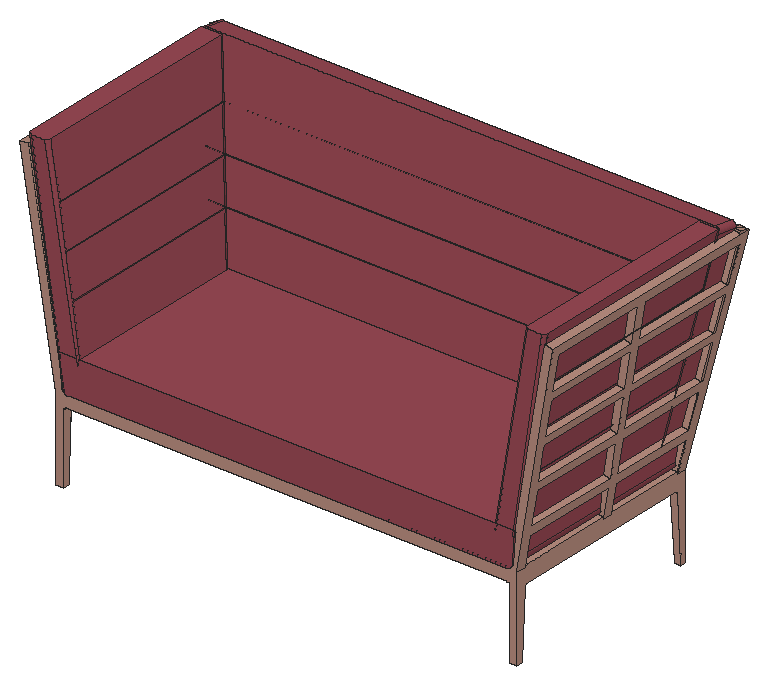
Revit family "Haworth_Janus_Slant_Settee", category Furniture, Revit 2018 (continued)
Definition of nested family "Haworth_Janus_Slant_Settee_Frame_PART"
  Dimensions and locks (in)
    aligned and locked: cut or joined group of Extrusion 2, Extrusion 3, Extrusion 4, Extrusion 5, Extrusion 6, Extrusion 7, Extrusion 8 to Extrusion 3 sketch curve
    aligned and locked: Masking region 1 sketch curve to cut or joined group of Extrusion 2, Extrusion 3, Extrusion 4, Extrusion 5, Extrusion 6, Extrusion 7, Extrusion 8  (x3)
  Automatic sketch dimensions
    plane 13 to Extrusion 1 sketch curve = 0' - 3.20524"
    Extrusion 1 sketch curve to Extrusion 1 sketch curve = 0' - 0.78948"
    Extrusion 1 sketch curve to Extrusion 1 sketch curve = 0' - 0.79175"
    plane 12 to Extrusion 1 sketch curve = 0' - 4.12439"
    Extrusion 1 sketch curve to Extrusion 1 sketch curve = 0' - 0.02757"
    plane 13 to Extrusion 1 sketch curve = 1' - 2.62607"  (x4)
    Extrusion 1 sketch curve to Extrusion 1 sketch curve = 0' - 0.10583"
    Extrusion 1 sketch curve to plane 3 "Center Left/Right" = 0' - 7.59003"  (x5)
    Extrusion 1 sketch curve to Extrusion 1 sketch curve = 0' - 0.00066"  (x12)
    Extrusion 1 sketch curve to plane 3 "Center Left/Right" = 0' - 6.45206"  (x5)
    Extrusion 1 sketch curve to Extrusion 1 sketch curve = 0' - 0.00006"  (x3)
    Extrusion 1 sketch curve to Extrusion 1 sketch curve = 0' - 0"  (x7)
    Extrusion 1 sketch curve to Extrusion 1 sketch curve = 0' - 0.10493"
    Extrusion 1 sketch curve to Extrusion 1 sketch curve = 0' - 0.26362"
    Extrusion 1 sketch curve to Extrusion 1 sketch curve = 0' - 0.44993"
    plane 13 to Extrusion 1 sketch curve = 0' - 4.07772"
    Extrusion 1 sketch curve to Extrusion 1 sketch curve = 0' - 0.08528"
    plane 13 to Extrusion 1 sketch curve = 0' - 3.31497"
    Extrusion 1 sketch curve to Extrusion 1 sketch curve = 0' - 4.38634"
    Extrusion 1 sketch curve to Extrusion 1 sketch curve = 0' - 0.09916"
    Extrusion 1 sketch curve to Extrusion 1 sketch curve = 0' - 4.9149"  (x18)
    plane 12 to Extrusion 1 sketch curve = 1' - 2.62128"  (x4)
    Extrusion 1 sketch curve to Extrusion 1 sketch curve = 0' - 4.72864"
    Extrusion 1 sketch curve to Extrusion 1 sketch curve = 0' - 0.95071"  (x2)
    Extrusion 1 sketch curve to Extrusion 1 sketch curve = 0' - 0.95142"  (x4)
    Extrusion 1 sketch curve to Extrusion 1 sketch curve = 0' - 1"
    Extrusion 1 sketch curve to Extrusion 1 sketch curve = 0' - 0.25859"
    plane 12 to Extrusion 1 sketch curve = 0' - 2.4179"
    Extrusion 1 sketch curve to Extrusion 1 sketch curve = 0' - 4.65981"
    Extrusion 1 sketch curve to Extrusion 1 sketch curve = 0' - 0.06971"
    plane 13 to Extrusion 1 sketch curve = 0' - 2.35724"
    Extrusion 1 sketch curve to Extrusion 1 sketch curve = 0' - 4.58727"
    Extrusion 1 sketch curve to Extrusion 1 sketch curve = 0' - 4.65631"
    Extrusion 1 sketch curve to Extrusion 1 sketch curve = 0' - 0.00077"  (x4)
    plane 3 "Center Left/Right" to Extrusion 1 sketch curve = 0' - 7.59482"  (x3)
    Extrusion 1 sketch curve to Extrusion 1 sketch curve = 0' - 0.10909"
    Extrusion 1 sketch curve to Extrusion 1 sketch curve = 0' - 0.21856"
    Extrusion 1 sketch curve to Extrusion 1 sketch curve = 0' - 0.25861"
    Extrusion 1 sketch curve to Extrusion 1 sketch curve = 0' - 1.1476"  (x7)
    Extrusion 1 sketch curve to Extrusion 1 sketch curve = 0' - 1.06647"
    Extrusion 1 sketch curve to Extrusion 1 sketch curve = 0' - 0.92146"
    plane 12 to Extrusion 1 sketch curve = 0' - 2.132"
    Extrusion 1 sketch curve to Extrusion 1 sketch curve = 0' - 0.20944"  (x6)
    plane 13 to Extrusion 1 sketch curve = 0' - 2.11743"
    Extrusion 1 sketch curve to Extrusion 1 sketch curve = 0' - 0 1/4"  (x9)
    plane 12 to Extrusion 1 sketch curve = 0' - 1.4063"
    Extrusion 1 sketch curve to Extrusion 1 sketch curve = 0' - 4.41426"  (x3)
    plane 13 to Extrusion 1 sketch curve = 0' - 1.39148"
    Extrusion 1 sketch curve to Extrusion 1 sketch curve = 0' - 4.41576"  (x3)
    Extrusion 1 sketch curve to Extrusion 1 sketch curve = 0' - 0.04056"  (x6)
    plane 3 "Center Left/Right" to Extrusion 1 sketch curve = 0' - 6.45684"  (x2)
    Extrusion 1 sketch curve to Extrusion 1 sketch curve = 0' - 0.03334"
    Extrusion 1 sketch curve to Extrusion 1 sketch curve = 0' - 1.00904"
    Extrusion 1 sketch curve to Extrusion 1 sketch curve = 0' - 1.041"  (x4)
    Extrusion 1 sketch curve to Extrusion 1 sketch curve = 0' - 1.04243"  (x2)
    Extrusion 1 sketch curve to Extrusion 1 sketch curve = 0' - 1.04177"
    plane 13 to Extrusion 1 sketch curve = 0' - 1.1434"
    plane 12 to Extrusion 1 sketch curve = 0' - 1.15283"
    plane 12 to Extrusion 1 sketch curve = 0' - 0.42713"
    plane 13 to Extrusion 1 sketch curve = 0' - 0.41745"
    Extrusion 1 sketch curve to Extrusion 1 sketch curve = 0' - 0.00014"
    Extrusion 1 sketch curve to Extrusion 1 sketch curve = 0' - 1.14674"
    plane 13 to Extrusion 1 sketch curve = 0' - 0.14673"
    plane 12 to Extrusion 1 sketch curve = 0' - 0.15616"
    Extrusion 1 sketch curve to plane 12 = 0' - 0.56954"
    Extrusion 1 sketch curve to plane 13 = 0' - 0.57921"
    Extrusion 1 sketch curve to Extrusion 1 sketch curve = 0' - 0.00081"
    Extrusion 1 sketch curve to plane 13 = 0' - 1.87639"
    Extrusion 1 sketch curve to Extrusion 1 sketch curve = 0' - 1.26051"
    Extrusion 1 sketch curve to Extrusion 1 sketch curve = 0' - 1.26539"
    plane 12 to Extrusion 1 sketch curve = 0' - 3.18849"
    Extrusion 1 sketch curve to Extrusion 1 sketch curve = 0' - 0.87769"
    Extrusion 1 sketch curve to Extrusion 1 sketch curve = 0' - 0.11032"
    Extrusion 1 sketch curve to Extrusion 1 sketch curve = 0' - 1.1411"  (x4)
    Extrusion 1 sketch curve to Extrusion 1 sketch curve = 0' - 1.13798"  (x2)
    Extrusion 1 sketch curve to Extrusion 1 sketch curve = 0' - 1.14735"  (x5)
    Extrusion 1 sketch curve to Extrusion 1 sketch curve = 0' - 0.23898"
    plane 12 to Extrusion 2 sketch curve = 0' - 4.06802"
    Extrusion 2 sketch curve to Extrusion 2 sketch curve = 0' - 1.30567"
    plane 3 "Center Left/Right" to Extrusion 2 sketch curve = 0' - 1.18"
    Extrusion 2 sketch curve to plane 3 "Center Left/Right" = 0' - 1.18"
    plane 13 to Extrusion 2 sketch curve = 0' - 5.37369"
    Extrusion 2 sketch curve to Extrusion 2 sketch curve = 0' - 1.35254"
    plane 9 "Front Arm" to Extrusion 2 sketch curve = 0' - 1.1417"  (x2)
    Extrusion 2 sketch curve to plane 14 = 0' - 6.20635"  (x2)
    Extrusion 2 sketch curve to Extrusion 2 sketch curve = 0' - 1.19111"
    Extrusion 3 sketch curve to plane 6 "Bottom Arm" = 0' - 0"
    Extrusion 3 sketch curve to level = 0' - 0"  (x2)
    Extrusion 3 sketch curve to Extrusion 3 sketch curve = 0' - 0.86131"
    plane 9 "Front Arm" to Extrusion 3 sketch curve = 0' - 1.30385"
    Extrusion 3 sketch curve to Extrusion 3 sketch curve = 0' - 0.24972"
    Extrusion 3 sketch curve to plane 8 "Bottom Seat" = 0' - 0.88763"
    Extrusion 3 sketch curve to plane 14 = 0' - 6.54569"
    Extrusion 3 sketch curve to plane 8 "Bottom Seat" = 0' - 0.84268"
    Extrusion 3 sketch curve to Extrusion 3 sketch curve = 0' - 0.32197"
    Extrusion 3 sketch curve to plane 14 = 0' - 5.78319"
    Extrusion 3 sketch curve to Extrusion 3 sketch curve = 0' - 1.53472"
    Extrusion 3 sketch curve to Extrusion 3 sketch curve = 0' - 0.77885"
    Extrusion 3 sketch curve to Extrusion 3 sketch curve = 0' - 0 1/4"
    Extrusion 4 sketch curve to level = 0' - 0"
    Extrusion 4 sketch curve to plane 8 "Bottom Seat" = 0' - 0.28993"
    plane 12 to Extrusion 4 sketch curve = 0' - 4.36256"
    plane 12 to Extrusion 4 sketch curve = 0' - 4.31802"
    Extrusion 4 sketch curve to plane 8 "Bottom Seat" = 0' - 0.28238"
    Extrusion 4 sketch curve to Extrusion 4 sketch curve = 0' - 0.2481"
    Extrusion 4 sketch curve to Extrusion 4 sketch curve = 0' - 0.50139"
    Extrusion 5 sketch curve to level = 0' - 0"
    Extrusion 5 sketch curve to plane 8 "Bottom Seat" = 0' - 0.28993"
    plane 13 to Extrusion 5 sketch curve = 0' - 4.36256"
    plane 13 to Extrusion 5 sketch curve = 0' - 4.31802"
    Extrusion 5 sketch curve to plane 8 "Bottom Seat" = 0' - 0.28238"
    Extrusion 5 sketch curve to Extrusion 5 sketch curve = 0' - 0.2481"
    Extrusion 5 sketch curve to Extrusion 5 sketch curve = 0' - 0.50139"
    Extrusion 6 sketch curve to plane 14 = 0' - 0.1747"
    plane 1 "Center Front/Back" to Extrusion 6 sketch curve = 0' - 0.85149"  (x4)
    Extrusion 6 sketch curve to Extrusion 6 sketch curve = 0' - 1.2455"
    Extrusion 6 sketch curve to Extrusion 6 sketch curve = 0' - 0"  (x5)
    Extrusion 6 sketch curve to Extrusion 6 sketch curve = 0' - 0.4038"  (x3)
    plane 1 "Center Front/Back" to Extrusion 6 sketch curve = 0' - 2"  (x2)
    Extrusion 6 sketch curve to Extrusion 6 sketch curve = 0' - 5.09514"  (x3)
    Extrusion 6 sketch curve to Extrusion 6 sketch curve = 0' - 0.98594"  (x2)
    Extrusion 6 sketch curve to plane 14 = 0' - 2.42545"
    plane 9 "Front Arm" to Extrusion 6 sketch curve = 0' - 1.21949"  (x2)
    Extrusion 6 sketch curve to Extrusion 6 sketch curve = 0' - 4.69133"  (x2)
    Extrusion 6 sketch curve to plane 14 = 0' - 3.36589"
    Extrusion 6 sketch curve to Extrusion 6 sketch curve = 0' - 0.91363"  (x2)
    Extrusion 6 sketch curve to plane 14 = 0' - 4.16333"
    Extrusion 6 sketch curve to plane 14 = 0' - 4.5966"
    Extrusion 6 sketch curve to Extrusion 6 sketch curve = 0' - 1.14662"  (x2)
    Extrusion 6 sketch curve to Extrusion 6 sketch curve = 0' - 0.27929"
    plane 9 "Front Arm" to Extrusion 6 sketch curve = 0' - 1.3067"
    Extrusion 6 sketch curve to Extrusion 6 sketch curve = 0' - 4.58468"
    Extrusion 6 sketch curve to Extrusion 6 sketch curve = 0' - 1.19081"
    plane 9 "Front Arm" to Extrusion 6 sketch curve = 0' - 1.2534"
    Extrusion 6 sketch curve to Extrusion 6 sketch curve = 0' - 4.44058"
    Extrusion 6 sketch curve to Extrusion 6 sketch curve = 0' - 0.0237"
    Extrusion 6 sketch curve to Extrusion 6 sketch curve = 0' - 4.82361"  (x2)
    Extrusion 6 sketch curve to plane 14 = 0' - 6.44497"
    Extrusion 6 sketch curve to plane 14 = 0' - 5.39926"
    Extrusion 6 sketch curve to Extrusion 6 sketch curve = 0' - 1.32167"
    Extrusion 6 sketch curve to plane 14 = 0' - 1.4737"
    Extrusion 6 sketch curve to Extrusion 6 sketch curve = 0' - 0.15431"
    Extrusion 6 sketch curve to Extrusion 6 sketch curve = 0' - 0.14299"
    Extrusion 6 sketch curve to Extrusion 6 sketch curve = 0' - 0.82824"
    Extrusion 6 sketch curve to Extrusion 6 sketch curve = 0' - 0.21981"
    plane 1 "Center Front/Back" to Extrusion 6 sketch curve = 0' - 0.85059"
    Extrusion 6 sketch curve to Extrusion 6 sketch curve = 0' - 1.14851"  (x2)
    Extrusion 6 sketch curve to Extrusion 6 sketch curve = 0' - 0.41038"  (x2)
    plane 9 "Front Arm" to Extrusion 6 sketch curve = 0' - 1.62987"
    Extrusion 6 sketch curve to Extrusion 6 sketch curve = 0' - 0.36515"
    Extrusion 6 sketch curve to Extrusion 6 sketch curve = 0' - 0.28101"
    Extrusion 6 sketch curve to Extrusion 6 sketch curve = 0' - 0.07318"
    Extrusion 7 sketch curve to plane 9 "Front Arm" = 0' - 0"
    Extrusion 7 sketch curve to plane 14 = 0' - 0.1747"
    plane 1 "Center Front/Back" to Extrusion 7 sketch curve = 0' - 0.85149"  (x4)
    Extrusion 7 sketch curve to Extrusion 7 sketch curve = 0' - 1.2455"
    Extrusion 7 sketch curve to Extrusion 7 sketch curve = 0' - 0"  (x7)
    Extrusion 7 sketch curve to Extrusion 7 sketch curve = 0' - 0.4038"  (x3)
    plane 1 "Center Front/Back" to Extrusion 7 sketch curve = 0' - 2"  (x2)
    Extrusion 7 sketch curve to Extrusion 7 sketch curve = 0' - 5.09514"  (x3)
    Extrusion 7 sketch curve to Extrusion 7 sketch curve = 0' - 0.98594"  (x2)
    Extrusion 7 sketch curve to plane 14 = 0' - 2.42545"
    plane 9 "Front Arm" to Extrusion 7 sketch curve = 0' - 1.21949"  (x3)
    Extrusion 7 sketch curve to Extrusion 7 sketch curve = 0' - 4.69133"  (x2)
    Extrusion 7 sketch curve to plane 14 = 0' - 3.36589"
    Extrusion 7 sketch curve to Extrusion 7 sketch curve = 0' - 0.91363"  (x2)
    Extrusion 7 sketch curve to plane 14 = 0' - 4.16333"
    Extrusion 7 sketch curve to plane 14 = 0' - 4.5966"
    Extrusion 7 sketch curve to Extrusion 7 sketch curve = 0' - 1.14662"  (x2)
    Extrusion 7 sketch curve to Extrusion 7 sketch curve = 0' - 0.27929"
    plane 9 "Front Arm" to Extrusion 7 sketch curve = 0' - 1.3067"
    Extrusion 7 sketch curve to Extrusion 7 sketch curve = 0' - 4.58468"
    Extrusion 7 sketch curve to Extrusion 7 sketch curve = 0' - 1.19081"
    plane 9 "Front Arm" to Extrusion 7 sketch curve = 0' - 1.2534"
    Extrusion 7 sketch curve to Extrusion 7 sketch curve = 0' - 4.44058"
    Extrusion 7 sketch curve to Extrusion 7 sketch curve = 0' - 0.0237"
    Extrusion 7 sketch curve to Extrusion 7 sketch curve = 0' - 4.82361"  (x2)
    Extrusion 7 sketch curve to plane 14 = 0' - 6.44497"
    Extrusion 7 sketch curve to plane 14 = 0' - 5.39926"
    Extrusion 7 sketch curve to Extrusion 7 sketch curve = 0' - 1.32167"
    Extrusion 7 sketch curve to Extrusion 7 sketch curve = 0' - 0.29597"
    Extrusion 7 sketch curve to Extrusion 7 sketch curve = 0' - 0.3372"  (x3)
    Extrusion 7 sketch curve to Extrusion 7 sketch curve = 0' - 0 1/4"
    plane 1 "Center Front/Back" to Extrusion 7 sketch curve = 0' - 0.85059"
    Extrusion 7 sketch curve to Extrusion 7 sketch curve = 0' - 0.80032"
    Extrusion 7 sketch curve to Extrusion 7 sketch curve = 0' - 0.21981"
    Extrusion 7 sketch curve to Extrusion 7 sketch curve = 0' - 0.14299"
    Extrusion 7 sketch curve to Extrusion 7 sketch curve = 0' - 0.15431"
    Extrusion 7 sketch curve to plane 14 = 0' - 1.4737"
    Extrusion 8 sketch curve to plane 6 "Bottom Arm" = 0' - 0"
    Extrusion 8 sketch curve to level = 0' - 0"  (x2)
    plane 9 "Front Arm" to Extrusion 8 sketch curve = 0' - 0"
    Extrusion 8 sketch curve to Extrusion 8 sketch curve = 0' - 0.86131"
    plane 9 "Front Arm" to Extrusion 8 sketch curve = 0' - 1.30385"
    Extrusion 8 sketch curve to Extrusion 8 sketch curve = 0' - 0.24972"
    Extrusion 8 sketch curve to plane 8 "Bottom Seat" = 0' - 0.88763"
    Extrusion 8 sketch curve to plane 14 = 0' - 6.54569"
    Extrusion 8 sketch curve to plane 8 "Bottom Seat" = 0' - 0.84268"
    Extrusion 8 sketch curve to Extrusion 8 sketch curve = 0' - 0.32197"
    Extrusion 8 sketch curve to plane 14 = 0' - 5.78319"
    Extrusion 8 sketch curve to Extrusion 8 sketch curve = 0' - 1.53472"
    Extrusion 8 sketch curve to Extrusion 8 sketch curve = 0' - 0.77885"
    Extrusion 8 sketch curve to Extrusion 8 sketch curve = 0' - 0.23807"
    Masking region 1 sketch curve to Masking region 1 sketch curve = 0' - 1.07647"
    Masking region 1 sketch curve to Masking region 1 sketch curve = 0' - 0"  (x2)
    Masking region 1 sketch curve to Masking region 1 sketch curve = 0' - 0.10457"
    Masking region 1 sketch curve to Masking region 1 sketch curve = 0' - 0.93044"
    Masking region 1 sketch curve to plane 14 = 0' - 1.33881"
